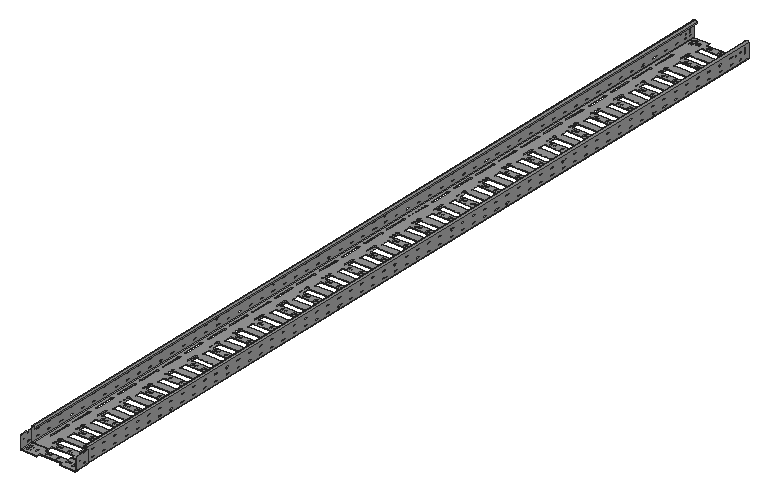
Revit family "MKSM Magic Kabelrinne 1 mm- MKSM 620 FT,FS", category Generic Models, Revit 2017 (continued)
Forms (mm)
  Extrusion 132, void
    sketch origin (0, 2796.379, 0) x (0, 1, 0) y (0, 0, 1)
      loop
        arc (69.75, 17.06) -> (66.25, 13.56) -> (69.75, 10.06) r 3.5
        line (69.75, 10.06) -> (82.75, 10.06)
        arc (82.75, 10.06) -> (86.25, 13.56) -> (82.75, 17.06) r 3.5
    from -100 to -99
  Extrusion 133, void
    sketch origin (0, 2847.223, 0) x (0, 1, 0) y (0, 0, 1)
      loop
        line (82.75, 17.06) -> (69.75, 17.06)
        arc (69.75, 17.06) -> (66.25, 13.56) -> (69.75, 10.06) r 3.5
        line (69.75, 10.06) -> (82.75, 10.06)
        arc (82.75, 10.06) -> (86.25, 13.56) -> (82.75, 17.06) r 3.5
    from -100 to -99
  Extrusion 134, void
    sketch origin (0, 2898.066, 0) x (0, 1, 0) y (0, 0, 1)
      loop
        line (82.75, 17.06) -> (69.75, 17.06)
        arc (69.75, 17.06) -> (66.25, 13.56) -> (69.75, 10.06) r 3.5
        line (69.75, 10.06) -> (82.75, 10.06)
        arc (82.75, 10.06) -> (86.25, 13.56) -> (82.75, 17.06) r 3.5
    from -100 to -99
  Extrusion 135, void
    sketch origin (0, 0, 0) x (0, 1, 0) y (0, 0, 1)
      loop
        line (82.75, 42.06) -> (69.75, 42.06)
        arc (69.75, 42.06) -> (66.25, 38.56) -> (69.75, 35.06) r 3.5
        line (69.75, 35.06) -> (82.75, 35.06)
        arc (82.75, 35.06) -> (86.25, 38.56) -> (82.75, 42.06) r 3.5
    from -100 to -99
  Extrusion 136, void
    sketch origin (0, 0, 0) x (0, 1, 0) y (0, 0, 1)
      loop
        line (82.75, 42.06) -> (69.75, 42.06)
        arc (69.75, 42.06) -> (66.25, 38.56) -> (69.75, 35.06) r 3.5
        line (69.75, 35.06) -> (82.75, 35.06)
        arc (82.75, 35.06) -> (86.25, 38.56) -> (82.75, 42.06) r 3.5
    from 99 to 100
  Extrusion 137, void
    sketch origin (0, 50.819, 0) x (0, 1, 0) y (0, 0, 1)
      loop
        line (82.75, 42.06) -> (69.75, 42.06)
        arc (69.75, 42.06) -> (66.25, 38.56) -> (69.75, 35.06) r 3.5
        line (69.75, 35.06) -> (82.75, 35.06)
        arc (82.75, 35.06) -> (86.25, 38.56) -> (82.75, 42.06) r 3.5
    from -100 to -99
  Extrusion 138, void
    sketch origin (0, 50.802, 0) x (0, 1, 0) y (0, 0, 1)
      loop
        line (82.75, 42.06) -> (69.75, 42.06)
        arc (69.75, 42.06) -> (66.25, 38.56) -> (69.75, 35.06) r 3.5
        line (69.75, 35.06) -> (82.75, 35.06)
        arc (82.75, 35.06) -> (86.25, 38.56) -> (82.75, 42.06) r 3.5
    from 99 to 100
  Extrusion 139, void
    sketch origin (0, 101.626, 0) x (0, 1, 0) y (0, 0, 1)
      loop
        line (82.75, 42.06) -> (69.75, 42.06)
        arc (69.75, 42.06) -> (66.25, 38.56) -> (69.75, 35.06) r 3.5
        line (69.75, 35.06) -> (82.75, 35.06)
        arc (82.75, 35.06) -> (86.25, 38.56) -> (82.75, 42.06) r 3.5
    from 99 to 100
  Extrusion 140, void
    sketch origin (0, 152.451, 0) x (0, 1, 0) y (0, 0, 1)
      loop
        line (82.75, 42.06) -> (69.75, 42.06)
        arc (69.75, 42.06) -> (66.25, 38.56) -> (69.75, 35.06) r 3.5
        line (69.75, 35.06) -> (82.75, 35.06)
        arc (82.75, 35.06) -> (86.25, 38.56) -> (82.75, 42.06) r 3.5
    from 99 to 100
  Extrusion 141, void
    sketch origin (0, 203.275, 0) x (0, 1, 0) y (0, 0, 1)
      loop
        line (82.75, 42.06) -> (69.75, 42.06)
        arc (69.75, 42.06) -> (66.25, 38.56) -> (69.75, 35.06) r 3.5
        line (69.75, 35.06) -> (82.75, 35.06)
        arc (82.75, 35.06) -> (86.25, 38.56) -> (82.75, 42.06) r 3.5
    from 99 to 100
  Extrusion 142, void
    sketch origin (0, 254.099, 0) x (0, 1, 0) y (0, 0, 1)
      loop
        line (82.75, 42.06) -> (69.75, 42.06)
        arc (69.75, 42.06) -> (66.25, 38.56) -> (69.75, 35.06) r 3.5
        line (69.75, 35.06) -> (82.75, 35.06)
        arc (82.75, 35.06) -> (86.25, 38.56) -> (82.75, 42.06) r 3.5
    from 99 to 100
  Extrusion 143, void
    sketch origin (0, 304.923, 0) x (0, 1, 0) y (0, 0, 1)
      loop
        line (82.75, 42.06) -> (69.75, 42.06)
        arc (69.75, 42.06) -> (66.25, 38.56) -> (69.75, 35.06) r 3.5
        line (69.75, 35.06) -> (82.75, 35.06)
        arc (82.75, 35.06) -> (86.25, 38.56) -> (82.75, 42.06) r 3.5
    from 99 to 100
  Extrusion 144, void
    sketch origin (0, 355.748, 0) x (0, 1, 0) y (0, 0, 1)
      loop
        line (82.75, 42.06) -> (69.75, 42.06)
        arc (69.75, 42.06) -> (66.25, 38.56) -> (69.75, 35.06) r 3.5
        line (69.75, 35.06) -> (82.75, 35.06)
        arc (82.75, 35.06) -> (86.25, 38.56) -> (82.75, 42.06) r 3.5
    from 99 to 100
  Extrusion 145, void
    sketch origin (0, 406.572, 0) x (0, 1, 0) y (0, 0, 1)
      loop
        line (82.75, 42.06) -> (69.75, 42.06)
        arc (69.75, 42.06) -> (66.25, 38.56) -> (69.75, 35.06) r 3.5
        line (69.75, 35.06) -> (82.75, 35.06)
        arc (82.75, 35.06) -> (86.25, 38.56) -> (82.75, 42.06) r 3.5
    from 99 to 100
  Extrusion 146, void
    sketch origin (0, 457.396, 0) x (0, 1, 0) y (0, 0, 1)
      loop
        line (82.75, 42.06) -> (69.75, 42.06)
        arc (69.75, 42.06) -> (66.25, 38.56) -> (69.75, 35.06) r 3.5
        line (69.75, 35.06) -> (82.75, 35.06)
        arc (82.75, 35.06) -> (86.25, 38.56) -> (82.75, 42.06) r 3.5
    from 99 to 100
  Extrusion 147, void
    sketch origin (0, 508.22, 0) x (0, 1, 0) y (0, 0, 1)
      loop
        line (82.75, 42.06) -> (69.75, 42.06)
        arc (69.75, 42.06) -> (66.25, 38.56) -> (69.75, 35.06) r 3.5
        line (69.75, 35.06) -> (82.75, 35.06)
        arc (82.75, 35.06) -> (86.25, 38.56) -> (82.75, 42.06) r 3.5
    from 99 to 100
  Extrusion 148, void
    sketch origin (0, 559.045, 0) x (0, 1, 0) y (0, 0, 1)
      loop
        line (82.75, 42.06) -> (69.75, 42.06)
        arc (69.75, 42.06) -> (66.25, 38.56) -> (69.75, 35.06) r 3.5
        line (69.75, 35.06) -> (82.75, 35.06)
        arc (82.75, 35.06) -> (86.25, 38.56) -> (82.75, 42.06) r 3.5
    from 99 to 100
  Extrusion 149, void
    sketch origin (0, 609.869, 0) x (0, 1, 0) y (0, 0, 1)
      loop
        line (82.75, 42.06) -> (69.75, 42.06)
        arc (69.75, 42.06) -> (66.25, 38.56) -> (69.75, 35.06) r 3.5
        line (69.75, 35.06) -> (82.75, 35.06)
        arc (82.75, 35.06) -> (86.25, 38.56) -> (82.75, 42.06) r 3.5
    from 99 to 100
  Extrusion 150, void
    sketch origin (0, 660.693, 0) x (0, 1, 0) y (0, 0, 1)
      loop
        line (82.75, 42.06) -> (69.75, 42.06)
        arc (69.75, 42.06) -> (66.25, 38.56) -> (69.75, 35.06) r 3.5
        line (69.75, 35.06) -> (82.75, 35.06)
        arc (82.75, 35.06) -> (86.25, 38.56) -> (82.75, 42.06) r 3.5
    from 99 to 100
  Extrusion 151, void
    sketch origin (0, 711.517, 0) x (0, 1, 0) y (0, 0, 1)
      loop
        line (82.75, 42.06) -> (69.75, 42.06)
        arc (69.75, 42.06) -> (66.25, 38.56) -> (69.75, 35.06) r 3.5
        line (69.75, 35.06) -> (82.75, 35.06)
        arc (82.75, 35.06) -> (86.25, 38.56) -> (82.75, 42.06) r 3.5
    from 99 to 100
  Extrusion 152, void
    sketch origin (0, 762.342, 0) x (0, 1, 0) y (0, 0, 1)
      loop
        line (82.75, 42.06) -> (69.75, 42.06)
        arc (69.75, 42.06) -> (66.25, 38.56) -> (69.75, 35.06) r 3.5
        line (69.75, 35.06) -> (82.75, 35.06)
        arc (82.75, 35.06) -> (86.25, 38.56) -> (82.75, 42.06) r 3.5
    from 99 to 100
  Extrusion 153, void
    sketch origin (0, 813.166, 0) x (0, 1, 0) y (0, 0, 1)
      loop
        line (82.75, 42.06) -> (69.75, 42.06)
        arc (69.75, 42.06) -> (66.25, 38.56) -> (69.75, 35.06) r 3.5
        line (69.75, 35.06) -> (82.75, 35.06)
        arc (82.75, 35.06) -> (86.25, 38.56) -> (82.75, 42.06) r 3.5
    from 99 to 100
  Extrusion 154, void
    sketch origin (0, 863.99, 0) x (0, 1, 0) y (0, 0, 1)
      loop
        line (82.75, 42.06) -> (69.75, 42.06)
        arc (69.75, 42.06) -> (66.25, 38.56) -> (69.75, 35.06) r 3.5
        line (69.75, 35.06) -> (82.75, 35.06)
        arc (82.75, 35.06) -> (86.25, 38.56) -> (82.75, 42.06) r 3.5
    from 99 to 100
  Extrusion 155, void
    sketch origin (0, 914.814, 0) x (0, 1, 0) y (0, 0, 1)
      loop
        line (82.75, 42.06) -> (69.75, 42.06)
        arc (69.75, 42.06) -> (66.25, 38.56) -> (69.75, 35.06) r 3.5
        line (69.75, 35.06) -> (82.75, 35.06)
        arc (82.75, 35.06) -> (86.25, 38.56) -> (82.75, 42.06) r 3.5
    from 99 to 100
  Extrusion 156, void
    sketch origin (0, 965.639, 0) x (0, 1, 0) y (0, 0, 1)
      loop
        line (82.75, 42.06) -> (69.75, 42.06)
        arc (69.75, 42.06) -> (66.25, 38.56) -> (69.75, 35.06) r 3.5
        line (69.75, 35.06) -> (82.75, 35.06)
        arc (82.75, 35.06) -> (86.25, 38.56) -> (82.75, 42.06) r 3.5
    from 99 to 100
  Extrusion 157, void
    sketch origin (0, 1016.463, 0) x (0, 1, 0) y (0, 0, 1)
      loop
        line (82.75, 42.06) -> (69.75, 42.06)
        arc (69.75, 42.06) -> (66.25, 38.56) -> (69.75, 35.06) r 3.5
        line (69.75, 35.06) -> (82.75, 35.06)
        arc (82.75, 35.06) -> (86.25, 38.56) -> (82.75, 42.06) r 3.5
    from 99 to 100
  Extrusion 158, void
    sketch origin (0, 1067.287, 0) x (0, 1, 0) y (0, 0, 1)
      loop
        line (82.75, 42.06) -> (69.75, 42.06)
        arc (69.75, 42.06) -> (66.25, 38.56) -> (69.75, 35.06) r 3.5
        line (69.75, 35.06) -> (82.75, 35.06)
        arc (82.75, 35.06) -> (86.25, 38.56) -> (82.75, 42.06) r 3.5
    from 99 to 100
  Extrusion 159, void
    sketch origin (0, 1118.111, 0) x (0, 1, 0) y (0, 0, 1)
      loop
        line (82.75, 42.06) -> (69.75, 42.06)
        arc (69.75, 42.06) -> (66.25, 38.56) -> (69.75, 35.06) r 3.5
        line (69.75, 35.06) -> (82.75, 35.06)
        arc (82.75, 35.06) -> (86.25, 38.56) -> (82.75, 42.06) r 3.5
    from 99 to 100
  Extrusion 160, void
    sketch origin (0, 1168.936, 0) x (0, 1, 0) y (0, 0, 1)
      loop
        line (82.75, 42.06) -> (69.75, 42.06)
        arc (69.75, 42.06) -> (66.25, 38.56) -> (69.75, 35.06) r 3.5
        line (69.75, 35.06) -> (82.75, 35.06)
        arc (82.75, 35.06) -> (86.25, 38.56) -> (82.75, 42.06) r 3.5
    from 99 to 100
  Extrusion 161, void
    sketch origin (0, 1219.76, 0) x (0, 1, 0) y (0, 0, 1)
      loop
        line (82.75, 42.06) -> (69.75, 42.06)
        arc (69.75, 42.06) -> (66.25, 38.56) -> (69.75, 35.06) r 3.5
        line (69.75, 35.06) -> (82.75, 35.06)
        arc (82.75, 35.06) -> (86.25, 38.56) -> (82.75, 42.06) r 3.5
    from 99 to 100
  Extrusion 162, void
    sketch origin (0, 1270.584, 0) x (0, 1, 0) y (0, 0, 1)
      loop
        line (82.75, 42.06) -> (69.75, 42.06)
        arc (69.75, 42.06) -> (66.25, 38.56) -> (69.75, 35.06) r 3.5
        line (69.75, 35.06) -> (82.75, 35.06)
        arc (82.75, 35.06) -> (86.25, 38.56) -> (82.75, 42.06) r 3.5
    from 99 to 100
  Extrusion 163, void
    sketch origin (0, 1321.408, 0) x (0, 1, 0) y (0, 0, 1)
      loop
        line (82.75, 42.06) -> (69.75, 42.06)
        arc (69.75, 42.06) -> (66.25, 38.56) -> (69.75, 35.06) r 3.5
        line (69.75, 35.06) -> (82.75, 35.06)
        arc (82.75, 35.06) -> (86.25, 38.56) -> (82.75, 42.06) r 3.5
    from 99 to 100
  Extrusion 164, void
    sketch origin (0, 1372.233, 0) x (0, 1, 0) y (0, 0, 1)
      loop
        line (82.75, 42.06) -> (69.75, 42.06)
        arc (69.75, 42.06) -> (66.25, 38.56) -> (69.75, 35.06) r 3.5
        line (69.75, 35.06) -> (82.75, 35.06)
        arc (82.75, 35.06) -> (86.25, 38.56) -> (82.75, 42.06) r 3.5
    from 99 to 100
  Extrusion 165, void
    sketch origin (0, 1423.057, 0) x (0, 1, 0) y (0, 0, 1)
      loop
        line (82.75, 42.06) -> (69.75, 42.06)
        arc (69.75, 42.06) -> (66.25, 38.56) -> (69.75, 35.06) r 3.5
        line (69.75, 35.06) -> (82.75, 35.06)
        arc (82.75, 35.06) -> (86.25, 38.56) -> (82.75, 42.06) r 3.5
    from 99 to 100
  Extrusion 166, void
    sketch origin (0, 1473.881, 0) x (0, 1, 0) y (0, 0, 1)
      loop
        line (82.75, 42.06) -> (69.75, 42.06)
        arc (69.75, 42.06) -> (66.25, 38.56) -> (69.75, 35.06) r 3.5
        line (69.75, 35.06) -> (82.75, 35.06)
        arc (82.75, 35.06) -> (86.25, 38.56) -> (82.75, 42.06) r 3.5
    from 99 to 100
  Extrusion 167, void
    sketch origin (0, 1524.705, 0) x (0, 1, 0) y (0, 0, 1)
      loop
        line (82.75, 42.06) -> (69.75, 42.06)
        arc (69.75, 42.06) -> (66.25, 38.56) -> (69.75, 35.06) r 3.5
        line (69.75, 35.06) -> (82.75, 35.06)
        arc (82.75, 35.06) -> (86.25, 38.56) -> (82.75, 42.06) r 3.5
    from 99 to 100
  Extrusion 168, void
    sketch origin (0, 1575.53, 0) x (0, 1, 0) y (0, 0, 1)
      loop
        line (82.75, 42.06) -> (69.75, 42.06)
        arc (69.75, 42.06) -> (66.25, 38.56) -> (69.75, 35.06) r 3.5
        line (69.75, 35.06) -> (82.75, 35.06)
        arc (82.75, 35.06) -> (86.25, 38.56) -> (82.75, 42.06) r 3.5
    from 99 to 100
  Extrusion 169, void
    sketch origin (0, 1626.354, 0) x (0, 1, 0) y (0, 0, 1)
      loop
        line (82.75, 42.06) -> (69.75, 42.06)
        arc (69.75, 42.06) -> (66.25, 38.56) -> (69.75, 35.06) r 3.5
        line (69.75, 35.06) -> (82.75, 35.06)
        arc (82.75, 35.06) -> (86.25, 38.56) -> (82.75, 42.06) r 3.5
    from 99 to 100
  Extrusion 170, void
    sketch origin (0, 1677.178, 0) x (0, 1, 0) y (0, 0, 1)
      loop
        line (82.75, 42.06) -> (69.75, 42.06)
        arc (69.75, 42.06) -> (66.25, 38.56) -> (69.75, 35.06) r 3.5
        line (69.75, 35.06) -> (82.75, 35.06)
        arc (82.75, 35.06) -> (86.25, 38.56) -> (82.75, 42.06) r 3.5
    from 99 to 100
  Extrusion 171, void
    sketch origin (0, 1728.002, 0) x (0, 1, 0) y (0, 0, 1)
      loop
        line (82.75, 42.06) -> (69.75, 42.06)
        arc (69.75, 42.06) -> (66.25, 38.56) -> (69.75, 35.06) r 3.5
        line (69.75, 35.06) -> (82.75, 35.06)
        arc (82.75, 35.06) -> (86.25, 38.56) -> (82.75, 42.06) r 3.5
    from 99 to 100
  Extrusion 172, void
    sketch origin (0, 1778.827, 0) x (0, 1, 0) y (0, 0, 1)
      loop
        line (82.75, 42.06) -> (69.75, 42.06)
        arc (69.75, 42.06) -> (66.25, 38.56) -> (69.75, 35.06) r 3.5
        line (69.75, 35.06) -> (82.75, 35.06)
        arc (82.75, 35.06) -> (86.25, 38.56) -> (82.75, 42.06) r 3.5
    from 99 to 100
  Extrusion 173, void
    sketch origin (0, 1829.651, 0) x (0, 1, 0) y (0, 0, 1)
      loop
        line (82.75, 42.06) -> (69.75, 42.06)
        arc (69.75, 42.06) -> (66.25, 38.56) -> (69.75, 35.06) r 3.5
        line (69.75, 35.06) -> (82.75, 35.06)
        arc (82.75, 35.06) -> (86.25, 38.56) -> (82.75, 42.06) r 3.5
    from 99 to 100
  Extrusion 174, void
    sketch origin (0, 1880.475, 0) x (0, 1, 0) y (0, 0, 1)
      loop
        line (82.75, 42.06) -> (69.75, 42.06)
        arc (69.75, 42.06) -> (66.25, 38.56) -> (69.75, 35.06) r 3.5
        line (69.75, 35.06) -> (82.75, 35.06)
        arc (82.75, 35.06) -> (86.25, 38.56) -> (82.75, 42.06) r 3.5
    from 99 to 100
  Extrusion 175, void
    sketch origin (0, 1931.3, 0) x (0, 1, 0) y (0, 0, 1)
      loop
        line (82.75, 42.06) -> (69.75, 42.06)
        arc (69.75, 42.06) -> (66.25, 38.56) -> (69.75, 35.06) r 3.5
        line (69.75, 35.06) -> (82.75, 35.06)
        arc (82.75, 35.06) -> (86.25, 38.56) -> (82.75, 42.06) r 3.5
    from 99 to 100
  Extrusion 176, void
    sketch origin (0, 1982.124, 0) x (0, 1, 0) y (0, 0, 1)
      loop
        line (82.75, 42.06) -> (69.75, 42.06)
        arc (69.75, 42.06) -> (66.25, 38.56) -> (69.75, 35.06) r 3.5
        line (69.75, 35.06) -> (82.75, 35.06)
        arc (82.75, 35.06) -> (86.25, 38.56) -> (82.75, 42.06) r 3.5
    from 99 to 100
  Extrusion 177, void
    sketch origin (0, 2032.948, 0) x (0, 1, 0) y (0, 0, 1)
      loop
        line (82.75, 42.06) -> (69.75, 42.06)
        arc (69.75, 42.06) -> (66.25, 38.56) -> (69.75, 35.06) r 3.5
        line (69.75, 35.06) -> (82.75, 35.06)
        arc (82.75, 35.06) -> (86.25, 38.56) -> (82.75, 42.06) r 3.5
    from 99 to 100
  Extrusion 178, void
    sketch origin (0, 2083.772, 0) x (0, 1, 0) y (0, 0, 1)
      loop
        line (82.75, 42.06) -> (69.75, 42.06)
        arc (69.75, 42.06) -> (66.25, 38.56) -> (69.75, 35.06) r 3.5
        line (69.75, 35.06) -> (82.75, 35.06)
        arc (82.75, 35.06) -> (86.25, 38.56) -> (82.75, 42.06) r 3.5
    from 99 to 100
  Extrusion 179, void
    sketch origin (0, 2134.597, 0) x (0, 1, 0) y (0, 0, 1)
      loop
        line (82.75, 42.06) -> (69.75, 42.06)
        arc (69.75, 42.06) -> (66.25, 38.56) -> (69.75, 35.06) r 3.5
        line (69.75, 35.06) -> (82.75, 35.06)
        arc (82.75, 35.06) -> (86.25, 38.56) -> (82.75, 42.06) r 3.5
    from 99 to 100
  Extrusion 180, void
    sketch origin (0, 2185.421, 0) x (0, 1, 0) y (0, 0, 1)
      loop
        line (82.75, 42.06) -> (69.75, 42.06)
        arc (69.75, 42.06) -> (66.25, 38.56) -> (69.75, 35.06) r 3.5
        line (69.75, 35.06) -> (82.75, 35.06)
        arc (82.75, 35.06) -> (86.25, 38.56) -> (82.75, 42.06) r 3.5
    from 99 to 100
  Extrusion 181, void
    sketch origin (0, 2236.245, 0) x (0, 1, 0) y (0, 0, 1)
      loop
        line (82.75, 42.06) -> (69.75, 42.06)
        arc (69.75, 42.06) -> (66.25, 38.56) -> (69.75, 35.06) r 3.5
        line (69.75, 35.06) -> (82.75, 35.06)
        arc (82.75, 35.06) -> (86.25, 38.56) -> (82.75, 42.06) r 3.5
    from 99 to 100
  Extrusion 182, void
    sketch origin (0, 2287.069, 0) x (0, 1, 0) y (0, 0, 1)
      loop
        line (82.75, 42.06) -> (69.75, 42.06)
        arc (69.75, 42.06) -> (66.25, 38.56) -> (69.75, 35.06) r 3.5
        line (69.75, 35.06) -> (82.75, 35.06)
        arc (82.75, 35.06) -> (86.25, 38.56) -> (82.75, 42.06) r 3.5
    from 99 to 100
  Extrusion 183, void
    sketch origin (0, 2337.894, 0) x (0, 1, 0) y (0, 0, 1)
      loop
        line (82.75, 42.06) -> (69.75, 42.06)
        arc (69.75, 42.06) -> (66.25, 38.56) -> (69.75, 35.06) r 3.5
        line (69.75, 35.06) -> (82.75, 35.06)
        arc (82.75, 35.06) -> (86.25, 38.56) -> (82.75, 42.06) r 3.5
    from 99 to 100
  Extrusion 184, void
    sketch origin (0, 2388.718, 0) x (0, 1, 0) y (0, 0, 1)
      loop
        line (82.75, 42.06) -> (69.75, 42.06)
        arc (69.75, 42.06) -> (66.25, 38.56) -> (69.75, 35.06) r 3.5
        line (69.75, 35.06) -> (82.75, 35.06)
        arc (82.75, 35.06) -> (86.25, 38.56) -> (82.75, 42.06) r 3.5
    from 99 to 100
  Extrusion 185, void
    sketch origin (0, 2439.542, 0) x (0, 1, 0) y (0, 0, 1)
      loop
        line (82.75, 42.06) -> (69.75, 42.06)
        arc (69.75, 42.06) -> (66.25, 38.56) -> (69.75, 35.06) r 3.5
        line (69.75, 35.06) -> (82.75, 35.06)
        arc (82.75, 35.06) -> (86.25, 38.56) -> (82.75, 42.06) r 3.5
    from 99 to 100
  Extrusion 186, void
    sketch origin (0, 2490.366, 0) x (0, 1, 0) y (0, 0, 1)
      loop
        line (82.75, 42.06) -> (69.75, 42.06)
        arc (69.75, 42.06) -> (66.25, 38.56) -> (69.75, 35.06) r 3.5
        line (69.75, 35.06) -> (82.75, 35.06)
        arc (82.75, 35.06) -> (86.25, 38.56) -> (82.75, 42.06) r 3.5
    from 99 to 100
  Extrusion 187, void
    sketch origin (0, 2541.191, 0) x (0, 1, 0) y (0, 0, 1)
      loop
        line (82.75, 42.06) -> (69.75, 42.06)
        arc (69.75, 42.06) -> (66.25, 38.56) -> (69.75, 35.06) r 3.5
        line (69.75, 35.06) -> (82.75, 35.06)
        arc (82.75, 35.06) -> (86.25, 38.56) -> (82.75, 42.06) r 3.5
    from 99 to 100
  Extrusion 188, void
    sketch origin (0, 2592.015, 0) x (0, 1, 0) y (0, 0, 1)
      loop
        line (82.75, 42.06) -> (69.75, 42.06)
        arc (69.75, 42.06) -> (66.25, 38.56) -> (69.75, 35.06) r 3.5
        line (69.75, 35.06) -> (82.75, 35.06)
        arc (82.75, 35.06) -> (86.25, 38.56) -> (82.75, 42.06) r 3.5
    from 99 to 100
  Extrusion 189, void
    sketch origin (0, 2642.839, 0) x (0, 1, 0) y (0, 0, 1)
      loop
        line (82.75, 42.06) -> (69.75, 42.06)
        arc (69.75, 42.06) -> (66.25, 38.56) -> (69.75, 35.06) r 3.5
        line (69.75, 35.06) -> (82.75, 35.06)
        arc (82.75, 35.06) -> (86.25, 38.56) -> (82.75, 42.06) r 3.5
    from 99 to 100
  Extrusion 190, void
    sketch origin (0, 2693.663, 0) x (0, 1, 0) y (0, 0, 1)
      loop
        line (82.75, 42.06) -> (69.75, 42.06)
        arc (69.75, 42.06) -> (66.25, 38.56) -> (69.75, 35.06) r 3.5
        line (69.75, 35.06) -> (82.75, 35.06)
        arc (82.75, 35.06) -> (86.25, 38.56) -> (82.75, 42.06) r 3.5
    from 99 to 100
  Extrusion 191, void
    sketch origin (0, 2744.488, 0) x (0, 1, 0) y (0, 0, 1)
      loop
        line (82.75, 42.06) -> (69.75, 42.06)
        arc (69.75, 42.06) -> (66.25, 38.56) -> (69.75, 35.06) r 3.5
        line (69.75, 35.06) -> (82.75, 35.06)
        arc (82.75, 35.06) -> (86.25, 38.56) -> (82.75, 42.06) r 3.5
    from 99 to 100
  Extrusion 192, void
    sketch origin (0, 2795.312, 0) x (0, 1, 0) y (0, 0, 1)
      loop
        line (82.75, 42.06) -> (69.75, 42.06)
        arc (69.75, 42.06) -> (66.25, 38.56) -> (69.75, 35.06) r 3.5
        line (69.75, 35.06) -> (82.75, 35.06)
        arc (82.75, 35.06) -> (86.25, 38.56) -> (82.75, 42.06) r 3.5
    from 99 to 100
  Extrusion 193, void
    sketch origin (0, 2846.136, 0) x (0, 1, 0) y (0, 0, 1)
      loop
        line (82.75, 42.06) -> (69.75, 42.06)
        arc (69.75, 42.06) -> (66.25, 38.56) -> (69.75, 35.06) r 3.5
        line (69.75, 35.06) -> (82.75, 35.06)
        arc (82.75, 35.06) -> (86.25, 38.56) -> (82.75, 42.06) r 3.5
    from 99 to 100
  Extrusion 194, void
    sketch origin (0, 2896.96, 0) x (0, 1, 0) y (0, 0, 1)
      loop
        line (82.75, 42.06) -> (69.75, 42.06)
        arc (69.75, 42.06) -> (66.25, 38.56) -> (69.75, 35.06) r 3.5
        line (69.75, 35.06) -> (82.75, 35.06)
        arc (82.75, 35.06) -> (86.25, 38.56) -> (82.75, 42.06) r 3.5
    from 99 to 100
  Extrusion 195, void
    sketch origin (0, 101.641, 0) x (0, 1, 0) y (0, 0, 1)
      loop
        line (82.75, 42.06) -> (69.75, 42.06)
        arc (69.75, 42.06) -> (66.25, 38.56) -> (69.75, 35.06) r 3.5
        line (69.75, 35.06) -> (82.75, 35.06)
        arc (82.75, 35.06) -> (86.25, 38.56) -> (82.75, 42.06) r 3.5
    from -100 to -99
  Extrusion 196, void
    sketch origin (0, 152.464, 0) x (0, 1, 0) y (0, 0, 1)
      loop
        line (82.75, 42.06) -> (69.75, 42.06)
        arc (69.75, 42.06) -> (66.25, 38.56) -> (69.75, 35.06) r 3.5
        line (69.75, 35.06) -> (82.75, 35.06)
        arc (82.75, 35.06) -> (86.25, 38.56) -> (82.75, 42.06) r 3.5
    from -100 to -99
  Extrusion 197, void
    sketch origin (0, 203.286, 0) x (0, 1, 0) y (0, 0, 1)
      loop
        line (82.75, 42.06) -> (69.75, 42.06)
        arc (69.75, 42.06) -> (66.25, 38.56) -> (69.75, 35.06) r 3.5
        line (69.75, 35.06) -> (82.75, 35.06)
        arc (82.75, 35.06) -> (86.25, 38.56) -> (82.75, 42.06) r 3.5
    from -100 to -99
  Extrusion 198, void
    sketch origin (0, 254.109, 0) x (0, 1, 0) y (0, 0, 1)
      loop
        line (82.75, 42.06) -> (69.75, 42.06)
        arc (69.75, 42.06) -> (66.25, 38.56) -> (69.75, 35.06) r 3.5
        line (69.75, 35.06) -> (82.75, 35.06)
        arc (82.75, 35.06) -> (86.25, 38.56) -> (82.75, 42.06) r 3.5
    from -100 to -99
  Extrusion 199, void
    sketch origin (0, 304.931, 0) x (0, 1, 0) y (0, 0, 1)
      loop
        line (82.75, 42.06) -> (69.75, 42.06)
        arc (69.75, 42.06) -> (66.25, 38.56) -> (69.75, 35.06) r 3.5
        line (69.75, 35.06) -> (82.75, 35.06)
        arc (82.75, 35.06) -> (86.25, 38.56) -> (82.75, 42.06) r 3.5
    from -100 to -99
  Extrusion 200, void
    sketch origin (0, 355.754, 0) x (0, 1, 0) y (0, 0, 1)
      loop
        line (82.75, 42.06) -> (69.75, 42.06)
        arc (69.75, 42.06) -> (66.25, 38.56) -> (69.75, 35.06) r 3.5
        line (69.75, 35.06) -> (82.75, 35.06)
        arc (82.75, 35.06) -> (86.25, 38.56) -> (82.75, 42.06) r 3.5
    from -100 to -99
  Extrusion 201, void
    sketch origin (0, 406.576, 0) x (0, 1, 0) y (0, 0, 1)
      loop
        line (82.75, 42.06) -> (69.75, 42.06)
        arc (69.75, 42.06) -> (66.25, 38.56) -> (69.75, 35.06) r 3.5
        line (69.75, 35.06) -> (82.75, 35.06)
        arc (82.75, 35.06) -> (86.25, 38.56) -> (82.75, 42.06) r 3.5
    from -100 to -99
  Extrusion 202, void
    sketch origin (0, 457.398, 0) x (0, 1, 0) y (0, 0, 1)
      loop
        line (82.75, 42.06) -> (69.75, 42.06)
        arc (69.75, 42.06) -> (66.25, 38.56) -> (69.75, 35.06) r 3.5
        line (69.75, 35.06) -> (82.75, 35.06)
        arc (82.75, 35.06) -> (86.25, 38.56) -> (82.75, 42.06) r 3.5
    from -100 to -99
  Extrusion 203, void
    sketch origin (0, 508.221, 0) x (0, 1, 0) y (0, 0, 1)
      loop
        line (82.75, 42.06) -> (69.75, 42.06)
        arc (69.75, 42.06) -> (66.25, 38.56) -> (69.75, 35.06) r 3.5
        line (69.75, 35.06) -> (82.75, 35.06)
        arc (82.75, 35.06) -> (86.25, 38.56) -> (82.75, 42.06) r 3.5
    from -100 to -99
  Extrusion 204, void
    sketch origin (0, 559.043, 0) x (0, 1, 0) y (0, 0, 1)
      loop
        line (82.75, 42.06) -> (69.75, 42.06)
        arc (69.75, 42.06) -> (66.25, 38.56) -> (69.75, 35.06) r 3.5
        line (69.75, 35.06) -> (82.75, 35.06)
        arc (82.75, 35.06) -> (86.25, 38.56) -> (82.75, 42.06) r 3.5
    from -100 to -99
  Extrusion 205, void
    sketch origin (0, 609.866, 0) x (0, 1, 0) y (0, 0, 1)
      loop
        line (82.75, 42.06) -> (69.75, 42.06)
        arc (69.75, 42.06) -> (66.25, 38.56) -> (69.75, 35.06) r 3.5
        line (69.75, 35.06) -> (82.75, 35.06)
        arc (82.75, 35.06) -> (86.25, 38.56) -> (82.75, 42.06) r 3.5
    from -100 to -99
  Extrusion 206, void
    sketch origin (0, 660.688, 0) x (0, 1, 0) y (0, 0, 1)
      loop
        line (82.75, 42.06) -> (69.75, 42.06)
        arc (69.75, 42.06) -> (66.25, 38.56) -> (69.75, 35.06) r 3.5
        line (69.75, 35.06) -> (82.75, 35.06)
        arc (82.75, 35.06) -> (86.25, 38.56) -> (82.75, 42.06) r 3.5
    from -100 to -99
  Extrusion 207, void
    sketch origin (0, 711.511, 0) x (0, 1, 0) y (0, 0, 1)
      loop
        line (82.75, 42.06) -> (69.75, 42.06)
        arc (69.75, 42.06) -> (66.25, 38.56) -> (69.75, 35.06) r 3.5
        line (69.75, 35.06) -> (82.75, 35.06)
        arc (82.75, 35.06) -> (86.25, 38.56) -> (82.75, 42.06) r 3.5
    from -100 to -99
  Extrusion 208, void
    sketch origin (0, 762.333, 0) x (0, 1, 0) y (0, 0, 1)
      loop
        line (82.75, 42.06) -> (69.75, 42.06)
        arc (69.75, 42.06) -> (66.25, 38.56) -> (69.75, 35.06) r 3.5
        line (69.75, 35.06) -> (82.75, 35.06)
        arc (82.75, 35.06) -> (86.25, 38.56) -> (82.75, 42.06) r 3.5
    from -100 to -99
  Extrusion 209, void
    sketch origin (0, 813.156, 0) x (0, 1, 0) y (0, 0, 1)
      loop
        line (82.75, 42.06) -> (69.75, 42.06)
        arc (69.75, 42.06) -> (66.25, 38.56) -> (69.75, 35.06) r 3.5
        line (69.75, 35.06) -> (82.75, 35.06)
        arc (82.75, 35.06) -> (86.25, 38.56) -> (82.75, 42.06) r 3.5
    from -100 to -99
  Extrusion 210, void
    sketch origin (0, 863.978, 0) x (0, 1, 0) y (0, 0, 1)
      loop
        line (82.75, 42.06) -> (69.75, 42.06)
        arc (69.75, 42.06) -> (66.25, 38.56) -> (69.75, 35.06) r 3.5
        line (69.75, 35.06) -> (82.75, 35.06)
        arc (82.75, 35.06) -> (86.25, 38.56) -> (82.75, 42.06) r 3.5
    from -100 to -99
  Extrusion 211, void
    sketch origin (0, 914.8, 0) x (0, 1, 0) y (0, 0, 1)
      loop
        line (82.75, 42.06) -> (69.75, 42.06)
        arc (69.75, 42.06) -> (66.25, 38.56) -> (69.75, 35.06) r 3.5
        line (69.75, 35.06) -> (82.75, 35.06)
        arc (82.75, 35.06) -> (86.25, 38.56) -> (82.75, 42.06) r 3.5
    from -100 to -99
  Extrusion 212, void
    sketch origin (0, 965.623, 0) x (0, 1, 0) y (0, 0, 1)
      loop
        line (82.75, 42.06) -> (69.75, 42.06)
        arc (69.75, 42.06) -> (66.25, 38.56) -> (69.75, 35.06) r 3.5
        line (69.75, 35.06) -> (82.75, 35.06)
        arc (82.75, 35.06) -> (86.25, 38.56) -> (82.75, 42.06) r 3.5
    from -100 to -99
  Extrusion 213, void
    sketch origin (0, 1016.445, 0) x (0, 1, 0) y (0, 0, 1)
      loop
        line (82.75, 42.06) -> (69.75, 42.06)
        arc (69.75, 42.06) -> (66.25, 38.56) -> (69.75, 35.06) r 3.5
        line (69.75, 35.06) -> (82.75, 35.06)
        arc (82.75, 35.06) -> (86.25, 38.56) -> (82.75, 42.06) r 3.5
    from -100 to -99
  Extrusion 214, void
    sketch origin (0, 1067.268, 0) x (0, 1, 0) y (0, 0, 1)
      loop
        line (82.75, 42.06) -> (69.75, 42.06)
        arc (69.75, 42.06) -> (66.25, 38.56) -> (69.75, 35.06) r 3.5
        line (69.75, 35.06) -> (82.75, 35.06)
        arc (82.75, 35.06) -> (86.25, 38.56) -> (82.75, 42.06) r 3.5
    from -100 to -99
  Extrusion 215, void
    sketch origin (0, 1118.09, 0) x (0, 1, 0) y (0, 0, 1)
      loop
        line (82.75, 42.06) -> (69.75, 42.06)
        arc (69.75, 42.06) -> (66.25, 38.56) -> (69.75, 35.06) r 3.5
        line (69.75, 35.06) -> (82.75, 35.06)
        arc (82.75, 35.06) -> (86.25, 38.56) -> (82.75, 42.06) r 3.5
    from -100 to -99
  Extrusion 216, void
    sketch origin (0, 1168.913, 0) x (0, 1, 0) y (0, 0, 1)
      loop
        line (82.75, 42.06) -> (69.75, 42.06)
        arc (69.75, 42.06) -> (66.25, 38.56) -> (69.75, 35.06) r 3.5
        line (69.75, 35.06) -> (82.75, 35.06)
        arc (82.75, 35.06) -> (86.25, 38.56) -> (82.75, 42.06) r 3.5
    from -100 to -99
  Extrusion 217, void
    sketch origin (0, 1219.735, 0) x (0, 1, 0) y (0, 0, 1)
      loop
        line (82.75, 42.06) -> (69.75, 42.06)
        arc (69.75, 42.06) -> (66.25, 38.56) -> (69.75, 35.06) r 3.5
        line (69.75, 35.06) -> (82.75, 35.06)
        arc (82.75, 35.06) -> (86.25, 38.56) -> (82.75, 42.06) r 3.5
    from -100 to -99
  Extrusion 218, void
    sketch origin (0, 1270.558, 0) x (0, 1, 0) y (0, 0, 1)
      loop
        line (82.75, 42.06) -> (69.75, 42.06)
        arc (69.75, 42.06) -> (66.25, 38.56) -> (69.75, 35.06) r 3.5
        line (69.75, 35.06) -> (82.75, 35.06)
        arc (82.75, 35.06) -> (86.25, 38.56) -> (82.75, 42.06) r 3.5
    from -100 to -99
  Extrusion 219, void
    sketch origin (0, 1321.38, 0) x (0, 1, 0) y (0, 0, 1)
      loop
        line (82.75, 42.06) -> (69.75, 42.06)
        arc (69.75, 42.06) -> (66.25, 38.56) -> (69.75, 35.06) r 3.5
        line (69.75, 35.06) -> (82.75, 35.06)
        arc (82.75, 35.06) -> (86.25, 38.56) -> (82.75, 42.06) r 3.5
    from -100 to -99
  Extrusion 220, void
    sketch origin (0, 1372.203, 0) x (0, 1, 0) y (0, 0, 1)
      loop
        line (82.75, 42.06) -> (69.75, 42.06)
        arc (69.75, 42.06) -> (66.25, 38.56) -> (69.75, 35.06) r 3.5
        line (69.75, 35.06) -> (82.75, 35.06)
        arc (82.75, 35.06) -> (86.25, 38.56) -> (82.75, 42.06) r 3.5
    from -100 to -99
  Extrusion 221, void
    sketch origin (0, 1423.025, 0) x (0, 1, 0) y (0, 0, 1)
      loop
        line (82.75, 42.06) -> (69.75, 42.06)
        arc (69.75, 42.06) -> (66.25, 38.56) -> (69.75, 35.06) r 3.5
        line (69.75, 35.06) -> (82.75, 35.06)
        arc (82.75, 35.06) -> (86.25, 38.56) -> (82.75, 42.06) r 3.5
    from -100 to -99
  Extrusion 222, void
    sketch origin (0, 1473.847, 0) x (0, 1, 0) y (0, 0, 1)
      loop
        line (82.75, 42.06) -> (69.75, 42.06)
        arc (69.75, 42.06) -> (66.25, 38.56) -> (69.75, 35.06) r 3.5
        line (69.75, 35.06) -> (82.75, 35.06)
        arc (82.75, 35.06) -> (86.25, 38.56) -> (82.75, 42.06) r 3.5
    from -100 to -99
  Extrusion 223, void
    sketch origin (0, 1524.67, 0) x (0, 1, 0) y (0, 0, 1)
      loop
        line (82.75, 42.06) -> (69.75, 42.06)
        arc (69.75, 42.06) -> (66.25, 38.56) -> (69.75, 35.06) r 3.5
        line (69.75, 35.06) -> (82.75, 35.06)
        arc (82.75, 35.06) -> (86.25, 38.56) -> (82.75, 42.06) r 3.5
    from -100 to -99
  Extrusion 224, void
    sketch origin (0, 1575.492, 0) x (0, 1, 0) y (0, 0, 1)
      loop
        line (82.75, 42.06) -> (69.75, 42.06)
        arc (69.75, 42.06) -> (66.25, 38.56) -> (69.75, 35.06) r 3.5
        line (69.75, 35.06) -> (82.75, 35.06)
        arc (82.75, 35.06) -> (86.25, 38.56) -> (82.75, 42.06) r 3.5
    from -100 to -99
  Extrusion 225, void
    sketch origin (0, 1626.315, 0) x (0, 1, 0) y (0, 0, 1)
      loop
        line (82.75, 42.06) -> (69.75, 42.06)
        arc (69.75, 42.06) -> (66.25, 38.56) -> (69.75, 35.06) r 3.5
        line (69.75, 35.06) -> (82.75, 35.06)
        arc (82.75, 35.06) -> (86.25, 38.56) -> (82.75, 42.06) r 3.5
    from -100 to -99
  Extrusion 226, void
    sketch origin (0, 1677.137, 0) x (0, 1, 0) y (0, 0, 1)
      loop
        line (82.75, 42.06) -> (69.75, 42.06)
        arc (69.75, 42.06) -> (66.25, 38.56) -> (69.75, 35.06) r 3.5
        line (69.75, 35.06) -> (82.75, 35.06)
        arc (82.75, 35.06) -> (86.25, 38.56) -> (82.75, 42.06) r 3.5
    from -100 to -99
  Extrusion 227, void
    sketch origin (0, 1727.96, 0) x (0, 1, 0) y (0, 0, 1)
      loop
        line (82.75, 42.06) -> (69.75, 42.06)
        arc (69.75, 42.06) -> (66.25, 38.56) -> (69.75, 35.06) r 3.5
        line (69.75, 35.06) -> (82.75, 35.06)
        arc (82.75, 35.06) -> (86.25, 38.56) -> (82.75, 42.06) r 3.5
    from -100 to -99
  Extrusion 228, void
    sketch origin (0, 1778.782, 0) x (0, 1, 0) y (0, 0, 1)
      loop
        line (82.75, 42.06) -> (69.75, 42.06)
        arc (69.75, 42.06) -> (66.25, 38.56) -> (69.75, 35.06) r 3.5
        line (69.75, 35.06) -> (82.75, 35.06)
        arc (82.75, 35.06) -> (86.25, 38.56) -> (82.75, 42.06) r 3.5
    from -100 to -99
  Extrusion 229, void
    sketch origin (0, 1829.605, 0) x (0, 1, 0) y (0, 0, 1)
      loop
        line (82.75, 42.06) -> (69.75, 42.06)
        arc (69.75, 42.06) -> (66.25, 38.56) -> (69.75, 35.06) r 3.5
        line (69.75, 35.06) -> (82.75, 35.06)
        arc (82.75, 35.06) -> (86.25, 38.56) -> (82.75, 42.06) r 3.5
    from -100 to -99
  Extrusion 230, void
    sketch origin (0, 1880.427, 0) x (0, 1, 0) y (0, 0, 1)
      loop
        line (82.75, 42.06) -> (69.75, 42.06)
        arc (69.75, 42.06) -> (66.25, 38.56) -> (69.75, 35.06) r 3.5
        line (69.75, 35.06) -> (82.75, 35.06)
        arc (82.75, 35.06) -> (86.25, 38.56) -> (82.75, 42.06) r 3.5
    from -100 to -99
  Extrusion 231, void
    sketch origin (0, 1931.249, 0) x (0, 1, 0) y (0, 0, 1)
      loop
        line (82.75, 42.06) -> (69.75, 42.06)
        arc (69.75, 42.06) -> (66.25, 38.56) -> (69.75, 35.06) r 3.5
        line (69.75, 35.06) -> (82.75, 35.06)
        arc (82.75, 35.06) -> (86.25, 38.56) -> (82.75, 42.06) r 3.5
    from -100 to -99
  Extrusion 232, void
    sketch origin (0, 1982.072, 0) x (0, 1, 0) y (0, 0, 1)
      loop
        line (82.75, 42.06) -> (69.75, 42.06)
        arc (69.75, 42.06) -> (66.25, 38.56) -> (69.75, 35.06) r 3.5
        line (69.75, 35.06) -> (82.75, 35.06)
        arc (82.75, 35.06) -> (86.25, 38.56) -> (82.75, 42.06) r 3.5
    from -100 to -99
  Extrusion 233, void
    sketch origin (0, 2032.894, 0) x (0, 1, 0) y (0, 0, 1)
      loop
        line (82.75, 42.06) -> (69.75, 42.06)
        arc (69.75, 42.06) -> (66.25, 38.56) -> (69.75, 35.06) r 3.5
        line (69.75, 35.06) -> (82.75, 35.06)
        arc (82.75, 35.06) -> (86.25, 38.56) -> (82.75, 42.06) r 3.5
    from -100 to -99
  Extrusion 234, void
    sketch origin (0, 2083.717, 0) x (0, 1, 0) y (0, 0, 1)
      loop
        line (82.75, 42.06) -> (69.75, 42.06)
        arc (69.75, 42.06) -> (66.25, 38.56) -> (69.75, 35.06) r 3.5
        line (69.75, 35.06) -> (82.75, 35.06)
        arc (82.75, 35.06) -> (86.25, 38.56) -> (82.75, 42.06) r 3.5
    from -100 to -99
  Extrusion 235, void
    sketch origin (0, 2134.539, 0) x (0, 1, 0) y (0, 0, 1)
      loop
        line (82.75, 42.06) -> (69.75, 42.06)
        arc (69.75, 42.06) -> (66.25, 38.56) -> (69.75, 35.06) r 3.5
        line (69.75, 35.06) -> (82.75, 35.06)
        arc (82.75, 35.06) -> (86.25, 38.56) -> (82.75, 42.06) r 3.5
    from -100 to -99
  Extrusion 236, void
    sketch origin (0, 2185.362, 0) x (0, 1, 0) y (0, 0, 1)
      loop
        line (82.75, 42.06) -> (69.75, 42.06)
        arc (69.75, 42.06) -> (66.25, 38.56) -> (69.75, 35.06) r 3.5
        line (69.75, 35.06) -> (82.75, 35.06)
        arc (82.75, 35.06) -> (86.25, 38.56) -> (82.75, 42.06) r 3.5
    from -100 to -99
  Extrusion 237, void
    sketch origin (0, 2236.184, 0) x (0, 1, 0) y (0, 0, 1)
      loop
        line (82.75, 42.06) -> (69.75, 42.06)
        arc (69.75, 42.06) -> (66.25, 38.56) -> (69.75, 35.06) r 3.5
        line (69.75, 35.06) -> (82.75, 35.06)
        arc (82.75, 35.06) -> (86.25, 38.56) -> (82.75, 42.06) r 3.5
    from -100 to -99
  Extrusion 238, void
    sketch origin (0, 2287.007, 0) x (0, 1, 0) y (0, 0, 1)
      loop
        line (82.75, 42.06) -> (69.75, 42.06)
        arc (69.75, 42.06) -> (66.25, 38.56) -> (69.75, 35.06) r 3.5
        line (69.75, 35.06) -> (82.75, 35.06)
        arc (82.75, 35.06) -> (86.25, 38.56) -> (82.75, 42.06) r 3.5
    from -100 to -99
  Extrusion 239, void
    sketch origin (0, 2337.829, 0) x (0, 1, 0) y (0, 0, 1)
      loop
        line (82.75, 42.06) -> (69.75, 42.06)
        arc (69.75, 42.06) -> (66.25, 38.56) -> (69.75, 35.06) r 3.5
        line (69.75, 35.06) -> (82.75, 35.06)
        arc (82.75, 35.06) -> (86.25, 38.56) -> (82.75, 42.06) r 3.5
    from -100 to -99
  Extrusion 240, void
    sketch origin (0, 2388.651, 0) x (0, 1, 0) y (0, 0, 1)
      loop
        line (82.75, 42.06) -> (69.75, 42.06)
        arc (69.75, 42.06) -> (66.25, 38.56) -> (69.75, 35.06) r 3.5
        line (69.75, 35.06) -> (82.75, 35.06)
        arc (82.75, 35.06) -> (86.25, 38.56) -> (82.75, 42.06) r 3.5
    from -100 to -99
  Extrusion 241, void
    sketch origin (0, 2439.474, 0) x (0, 1, 0) y (0, 0, 1)
      loop
        line (82.75, 42.06) -> (69.75, 42.06)
        arc (69.75, 42.06) -> (66.25, 38.56) -> (69.75, 35.06) r 3.5
        line (69.75, 35.06) -> (82.75, 35.06)
        arc (82.75, 35.06) -> (86.25, 38.56) -> (82.75, 42.06) r 3.5
    from -100 to -99
  Extrusion 242, void
    sketch origin (0, 2490.296, 0) x (0, 1, 0) y (0, 0, 1)
      loop
        line (82.75, 42.06) -> (69.75, 42.06)
        arc (69.75, 42.06) -> (66.25, 38.56) -> (69.75, 35.06) r 3.5
        line (69.75, 35.06) -> (82.75, 35.06)
        arc (82.75, 35.06) -> (86.25, 38.56) -> (82.75, 42.06) r 3.5
    from -100 to -99
  Extrusion 243, void
    sketch origin (0, 2541.119, 0) x (0, 1, 0) y (0, 0, 1)
      loop
        line (82.75, 42.06) -> (69.75, 42.06)
        arc (69.75, 42.06) -> (66.25, 38.56) -> (69.75, 35.06) r 3.5
        line (69.75, 35.06) -> (82.75, 35.06)
        arc (82.75, 35.06) -> (86.25, 38.56) -> (82.75, 42.06) r 3.5
    from -100 to -99
  Extrusion 244, void
    sketch origin (0, 2591.941, 0) x (0, 1, 0) y (0, 0, 1)
      loop
        line (82.75, 42.06) -> (69.75, 42.06)
        arc (69.75, 42.06) -> (66.25, 38.56) -> (69.75, 35.06) r 3.5
        line (69.75, 35.06) -> (82.75, 35.06)
        arc (82.75, 35.06) -> (86.25, 38.56) -> (82.75, 42.06) r 3.5
    from -100 to -99
  Extrusion 245, void
    sketch origin (0, 2642.764, 0) x (0, 1, 0) y (0, 0, 1)
      loop
        line (82.75, 42.06) -> (69.75, 42.06)
        arc (69.75, 42.06) -> (66.25, 38.56) -> (69.75, 35.06) r 3.5
        line (69.75, 35.06) -> (82.75, 35.06)
        arc (82.75, 35.06) -> (86.25, 38.56) -> (82.75, 42.06) r 3.5
    from -100 to -99
  Extrusion 246, void
    sketch origin (0, 2693.586, 0) x (0, 1, 0) y (0, 0, 1)
      loop
        line (82.75, 42.06) -> (69.75, 42.06)
        arc (69.75, 42.06) -> (66.25, 38.56) -> (69.75, 35.06) r 3.5
        line (69.75, 35.06) -> (82.75, 35.06)
        arc (82.75, 35.06) -> (86.25, 38.56) -> (82.75, 42.06) r 3.5
    from -100 to -99
  Extrusion 247, void
    sketch origin (0, 2744.409, 0) x (0, 1, 0) y (0, 0, 1)
      loop
        line (82.75, 42.06) -> (69.75, 42.06)
        arc (69.75, 42.06) -> (66.25, 38.56) -> (69.75, 35.06) r 3.5
        line (69.75, 35.06) -> (82.75, 35.06)
        arc (82.75, 35.06) -> (86.25, 38.56) -> (82.75, 42.06) r 3.5
    from -100 to -99
  Extrusion 248, void
    sketch origin (0, 2795.231, 0) x (0, 1, 0) y (0, 0, 1)
      loop
        line (82.75, 42.06) -> (69.75, 42.06)
        arc (69.75, 42.06) -> (66.25, 38.56) -> (69.75, 35.06) r 3.5
        line (69.75, 35.06) -> (82.75, 35.06)
        arc (82.75, 35.06) -> (86.25, 38.56) -> (82.75, 42.06) r 3.5
    from -100 to -99
  Extrusion 249, void
    sketch origin (0, 2846.054, 0) x (0, 1, 0) y (0, 0, 1)
      loop
        line (82.75, 42.06) -> (69.75, 42.06)
        arc (69.75, 42.06) -> (66.25, 38.56) -> (69.75, 35.06) r 3.5
        line (69.75, 35.06) -> (82.75, 35.06)
        arc (82.75, 35.06) -> (86.25, 38.56) -> (82.75, 42.06) r 3.5
    from -100 to -99
  Extrusion 250, void
    sketch origin (0, 2896.876, 0) x (0, 1, 0) y (0, 0, 1)
      loop
        line (82.75, 42.06) -> (69.75, 42.06)
        arc (69.75, 42.06) -> (66.25, 38.56) -> (69.75, 35.06) r 3.5
        line (69.75, 35.06) -> (82.75, 35.06)
        arc (82.75, 35.06) -> (86.25, 38.56) -> (82.75, 42.06) r 3.5
    from -100 to -99
  Extrusion 251, void
    sketch origin (0, 0, 0) x (1, 0, 0) y (0, 1, 0)
      loop
        line (-40, 3048.441) -> (-40, 3037.29) -> (40, 3037.29) -> (40, 3048.441) -> (41.308, 3050) -> (-41.308, 3050) -> (-40, 3048.441)
    from 0 to 1
  Extrusion 252, void
    sketch origin (0, 0, 0) x (1, 0, 0) y (0, 1, 0)
      loop
        line (-40, 12.71) -> (-40, 1.449) -> (-41.216, 0) -> (41.216, 0) -> (40, 1.449) -> (40, 12.71) -> (-40, 12.71)
    from -1.8 to 0
  Extrusion 253, void
    sketch origin (0, 0, 0) x (1, 0, 0) y (0, 1, 0)
      loop
        line (-40, 63.54) -> (-40, 38.12) -> (40, 38.12) -> (40, 63.54) -> (-40, 63.54)
    from -1.8 to 1
  Extrusion 254, void
    sketch origin (0, 0, 0) x (0, 1, 0) y (0, 0, 1)
      loop
        line (3029.15, 47.25) -> (3029.15, 22.75) -> (3037.183, 22.75) -> (3037.183, 31) -> (3039.683, 31) -> (3039.683, 39) -> (3037.183, 39) -> (3037.183, 47.25) -> (3029.15, 47.25)
    from 99 to 100
  Extrusion 255, void
    sketch origin (0, 0, 0) x (0, 1, 0) y (0, 0, 1)
      loop
        line (2999.15, 47.25) -> (2991.15, 47.25) -> (2991.15, 39) -> (2988.65, 39) -> (2988.65, 31) -> (2991.15, 31) -> (2991.15, 22.75) -> (2999.15, 22.75) -> (2999.15, 47.25)
    from 99 to 100
  Extrusion 256, void
    sketch origin (0, 0, 0) x (0, 1, 0) y (0, 0, 1)
      loop
        line (3029.15, 47.25) -> (3029.15, 22.75) -> (3037.15, 22.75) -> (3037.15, 30.99) -> (3039.65, 30.99) -> (3039.65, 39) -> (3037.15, 39) -> (3037.15, 47.25) -> (3029.15, 47.25)
    from -100 to -99
  Extrusion 257, void
    sketch origin (0, 0, 0) x (0, 1, 0) y (0, 0, 1)
      loop
        line (2999.15, 47.25) -> (2991.15, 47.25) -> (2991.15, 38.99) -> (2988.65, 38.99) -> (2988.65, 30.99) -> (2991.15, 30.99) -> (2991.15, 22.75) -> (2999.15, 22.75) -> (2999.15, 47.25)
    from -100 to -99
  Extrusion 258, void
    sketch origin (0, 0, 0) x (0, 1, 0) y (0, 0, 1)
      loop
        line (3039.314, 17.472) -> (3031.286, 17.472)
        arc (3031.286, 17.472) -> (3027.3, 13.486) -> (3031.286, 9.5) r 3.986
        line (3031.286, 9.5) -> (3039.314, 9.5)
        arc (3039.314, 9.5) -> (3043.3, 13.486) -> (3039.314, 17.472) r 3.986
    from -100 to -99
  Extrusion 259, void
    sketch origin (0, 0, 0) x (1, 0, 0) y (0, 1, 0)
      loop
        line (13, 3028.881) -> (13, 3020.9)
        arc (13, 3020.9) -> (13.293, 3020.193) -> (14, 3019.9) r 1
        line (14, 3019.9) -> (25.884, 3019.9)
        arc (25.884, 3019.9) -> (26.884, 3020.825) -> (26.041, 3021.895) r 1.004
        line (26.041, 3021.895) -> (16.95, 3023.335)
        arc (16.95, 3023.335) -> (16.232, 3025.507) -> (17.895, 3027.079) r 2.132
        line (17.895, 3027.079) -> (26.073, 3027.885)
        arc (26.073, 3027.885) -> (26.985, 3028.925) -> (25.985, 3029.881) r 1
        line (25.985, 3029.881) -> (14, 3029.881)
        arc (14, 3029.881) -> (13.293, 3029.588) -> (13, 3028.881) r 1
    from 0 to 1
  Extrusion 260, void
    sketch origin (0, 0, 0) x (1, 0, 0) y (0, 1, 0)
      loop
        arc (-13, 3028.9) -> (-13.293, 3029.607) -> (-14, 3029.9) r 1
        line (-14, 3029.9) -> (-26.085, 3029.9)
        arc (-26.085, 3029.9) -> (-27.044, 3029.014) -> (-26.236, 3027.988) r 0.962
        line (-26.236, 3027.988) -> (-17.69, 3026.635)
        arc (-17.69, 3026.635) -> (-15.933, 3024.484) -> (-17.871, 3022.495) r 2.085
        line (-17.871, 3022.495) -> (-26.66, 3021.881)
        arc (-26.66, 3021.881) -> (-27.589, 3020.848) -> (-26.59, 3019.883) r 1
        line (-26.59, 3019.883) -> (-14, 3019.883)
        arc (-14, 3019.883) -> (-13.293, 3020.176) -> (-13, 3020.883) r 1
        line (-13, 3020.883) -> (-13, 3028.9)
    from 0 to 1
  Extrusion 261, void
    sketch origin (0, 0, 0) x (1, 0, 0) y (0, 1, 0)
      loop
        line (68, 3020.9) -> (68, 3028.881)
        arc (68, 3028.881) -> (67.707, 3029.588) -> (67, 3029.881) r 1
        line (67, 3029.881) -> (54.997, 3029.881)
        arc (54.997, 3029.881) -> (53.983, 3028.788) -> (55.148, 3027.857) r 1.017
        line (55.148, 3027.857) -> (64.995, 3026.648)
        arc (64.995, 3026.648) -> (66.024, 3024.888) -> (64.997, 3023.127) r 2.021
        line (64.997, 3023.127) -> (54.879, 3021.885)
        arc (54.879, 3021.885) -> (54.006, 3020.835) -> (55.001, 3019.9) r 0.996
        line (55.001, 3019.9) -> (67, 3019.9)
        arc (67, 3019.9) -> (67.707, 3020.193) -> (68, 3020.9) r 1
    from 0 to 1
  Extrusion 262, void
    sketch origin (0, 0, 0) x (1, 0, 0) y (0, 1, 0)
      loop
        line (-68.007, 3028.891) -> (-68.007, 3020.883)
        arc (-68.007, 3020.883) -> (-67.715, 3020.176) -> (-67.007, 3019.883) r 1
        line (-67.007, 3019.883) -> (-55.005, 3019.883)
        arc (-55.005, 3019.883) -> (-54.083, 3020.497) -> (-54.293, 3021.585) r 1
        line (-54.293, 3021.585) -> (-64.597, 3022.85)
        arc (-64.597, 3022.85) -> (-66.021, 3024.685) -> (-64.704, 3026.597) r 1.967
        line (-64.704, 3026.597) -> (-54.828, 3027.985)
        arc (-54.828, 3027.985) -> (-54.002, 3029.005) -> (-54.962, 3029.9) r 0.962
        line (-54.962, 3029.9) -> (-66.999, 3029.9)
        arc (-66.999, 3029.9) -> (-67.712, 3029.605) -> (-68.007, 3028.891) r 1.009
    from 0 to 1
  Extrusion 263, solid
    sketch origin (0, 0, 0) x (1, 0, 0) y (0, 0, 1)
      loop
        line (-81, -3.5) -> (-74, 0) -> (-76.236, 0) -> (-81, -2.382) -> (-85.764, 0) -> (-88, 0) -> (-81, -3.5)
    from -3019.9 to -3013.356
  Extrusion 264, solid
    sketch origin (0, 0, 0) x (1, 0, 0) y (0, 0, 1)
      loop
        line (-74, 0) -> (-76.236, 0) -> (-81, -2.382) -> (-85.764, 0) -> (-88, 0) -> (-81, -3.5) -> (-74, 0)
    from -3036.4 to -3029.9
  Extrusion 265, solid
    sketch origin (0, 0, 0) x (1, 0, 0) y (0, 0, 1)
      loop
        line (81, -3.5) -> (88, 0) -> (85.764, 0) -> (81, -2.382) -> (76.236, 0) -> (74, 0) -> (81, -3.5)
    from -3036.4 to -3029.9
  Extrusion 266, solid
    sketch origin (0, 0, 0) x (1, 0, 0) y (0, 0, 1)
      loop
        line (88, 0) -> (85.764, 0) -> (81, -2.382) -> (76.236, 0) -> (74, 0) -> (81, -3.5) -> (88, 0)
    from -3019.9 to -3013.4
  Extrusion 267, void
    sketch origin (0, 0, 0) x (1, 0, 0) y (0, 1, 0)
      loop
        line (-29, 79.75) -> (-29, 72.75) -> (-11, 72.75) -> (-11, 79.75) -> (-29, 79.75)
      loop
        line (12, 79.75) -> (12, 72.75) -> (30, 72.75) -> (30, 79.75) -> (12, 79.75)
    from 0 to 1
  Extrusion 268, void
    sketch origin (0, 101.662, 0) x (1, 0, 0) y (0, 1, 0)
      loop
        line (-29, 79.75) -> (-29, 72.75) -> (-11, 72.75) -> (-11, 79.75) -> (-29, 79.75)
      loop
        line (12, 79.75) -> (12, 72.75) -> (30, 72.75) -> (30, 79.75) -> (12, 79.75)
    from 0 to 1
  Extrusion 269, void
    sketch origin (0, 203.321, 0) x (1, 0, 0) y (0, 1, 0)
      loop
        line (-29, 79.75) -> (-29, 72.75) -> (-11, 72.75) -> (-11, 79.75) -> (-29, 79.75)
      loop
        line (12, 79.75) -> (12, 72.75) -> (30, 72.75) -> (30, 79.75) -> (12, 79.75)
    from 0 to 1
  Extrusion 270, void
    sketch origin (0, 304.98, 0) x (1, 0, 0) y (0, 1, 0)
      loop
        line (-29, 79.75) -> (-29, 72.75) -> (-11, 72.75) -> (-11, 79.75) -> (-29, 79.75)
      loop
        line (12, 79.75) -> (12, 72.75) -> (30, 72.75) -> (30, 79.75) -> (12, 79.75)
    from 0 to 1
  Extrusion 271, void
    sketch origin (0, 406.64, 0) x (1, 0, 0) y (0, 1, 0)
      loop
        line (-29, 79.75) -> (-29, 72.75) -> (-11, 72.75) -> (-11, 79.75) -> (-29, 79.75)
      loop
        line (12, 79.75) -> (12, 72.75) -> (30, 72.75) -> (30, 79.75) -> (12, 79.75)
    from 0 to 1
  Extrusion 272, void
    sketch origin (0, 508.299, 0) x (1, 0, 0) y (0, 1, 0)
      loop
        line (-29, 79.75) -> (-29, 72.75) -> (-11, 72.75) -> (-11, 79.75) -> (-29, 79.75)
      loop
        line (12, 79.75) -> (12, 72.75) -> (30, 72.75) -> (30, 79.75) -> (12, 79.75)
    from 0 to 1
  Extrusion 273, void
    sketch origin (0, 609.958, 0) x (1, 0, 0) y (0, 1, 0)
      loop
        line (-29, 79.75) -> (-29, 72.75) -> (-11, 72.75) -> (-11, 79.75) -> (-29, 79.75)
      loop
        line (12, 79.75) -> (12, 72.75) -> (30, 72.75) -> (30, 79.75) -> (12, 79.75)
    from 0 to 1
  Extrusion 274, void
    sketch origin (0, 711.617, 0) x (1, 0, 0) y (0, 1, 0)
      loop
        line (-29, 79.75) -> (-29, 72.75) -> (-11, 72.75) -> (-11, 79.75) -> (-29, 79.75)
      loop
        line (12, 79.75) -> (12, 72.75) -> (30, 72.75) -> (30, 79.75) -> (12, 79.75)
    from 0 to 1
  Extrusion 275, void
    sketch origin (0, 813.276, 0) x (1, 0, 0) y (0, 1, 0)
      loop
        line (-29, 79.75) -> (-29, 72.75) -> (-11, 72.75) -> (-11, 79.75) -> (-29, 79.75)
      loop
        line (12, 79.75) -> (12, 72.75) -> (30, 72.75) -> (30, 79.75) -> (12, 79.75)
    from 0 to 1
  Extrusion 276, void
    sketch origin (0, 914.935, 0) x (1, 0, 0) y (0, 1, 0)
      loop
        line (-29, 79.75) -> (-29, 72.75) -> (-11, 72.75) -> (-11, 79.75) -> (-29, 79.75)
      loop
        line (12, 79.75) -> (12, 72.75) -> (30, 72.75) -> (30, 79.75) -> (12, 79.75)
    from 0 to 1
  Extrusion 277, void
    sketch origin (0, 1016.594, 0) x (1, 0, 0) y (0, 1, 0)
      loop
        line (-29, 79.75) -> (-29, 72.75) -> (-11, 72.75) -> (-11, 79.75) -> (-29, 79.75)
      loop
        line (12, 79.75) -> (12, 72.75) -> (30, 72.75) -> (30, 79.75) -> (12, 79.75)
    from 0 to 1
  Extrusion 278, void
    sketch origin (0, 1118.253, 0) x (1, 0, 0) y (0, 1, 0)
      loop
        line (-29, 79.75) -> (-29, 72.75) -> (-11, 72.75) -> (-11, 79.75) -> (-29, 79.75)
      loop
        line (12, 79.75) -> (12, 72.75) -> (30, 72.75) -> (30, 79.75) -> (12, 79.75)
    from 0 to 1
  Extrusion 279, void
    sketch origin (0, 1219.912, 0) x (1, 0, 0) y (0, 1, 0)
      loop
        line (-29, 79.75) -> (-29, 72.75) -> (-11, 72.75) -> (-11, 79.75) -> (-29, 79.75)
      loop
        line (12, 79.75) -> (12, 72.75) -> (30, 72.75) -> (30, 79.75) -> (12, 79.75)
    from 0 to 1
  Extrusion 280, void
    sketch origin (0, 1321.571, 0) x (1, 0, 0) y (0, 1, 0)
      loop
        line (-29, 79.75) -> (-29, 72.75) -> (-11, 72.75) -> (-11, 79.75) -> (-29, 79.75)
      loop
        line (12, 79.75) -> (12, 72.75) -> (30, 72.75) -> (30, 79.75) -> (12, 79.75)
    from 0 to 1
  Extrusion 281, void
    sketch origin (0, 1423.23, 0) x (1, 0, 0) y (0, 1, 0)
      loop
        line (-29, 79.75) -> (-29, 72.75) -> (-11, 72.75) -> (-11, 79.75) -> (-29, 79.75)
      loop
        line (12, 79.75) -> (12, 72.75) -> (30, 72.75) -> (30, 79.75) -> (12, 79.75)
    from 0 to 1
  Extrusion 282, void
    sketch origin (0, 1524.89, 0) x (1, 0, 0) y (0, 1, 0)
      loop
        line (-29, 79.75) -> (-29, 72.75) -> (-11, 72.75) -> (-11, 79.75) -> (-29, 79.75)
      loop
        line (12, 79.75) -> (12, 72.75) -> (30, 72.75) -> (30, 79.75) -> (12, 79.75)
    from 0 to 1
  Extrusion 283, void
    sketch origin (0, 1626.549, 0) x (1, 0, 0) y (0, 1, 0)
      loop
        line (-29, 79.75) -> (-29, 72.75) -> (-11, 72.75) -> (-11, 79.75) -> (-29, 79.75)
      loop
        line (12, 79.75) -> (12, 72.75) -> (30, 72.75) -> (30, 79.75) -> (12, 79.75)
    from 0 to 1
  Extrusion 284, void
    sketch origin (0, 1728.208, 0) x (1, 0, 0) y (0, 1, 0)
      loop
        line (-29, 79.75) -> (-29, 72.75) -> (-11, 72.75) -> (-11, 79.75) -> (-29, 79.75)
